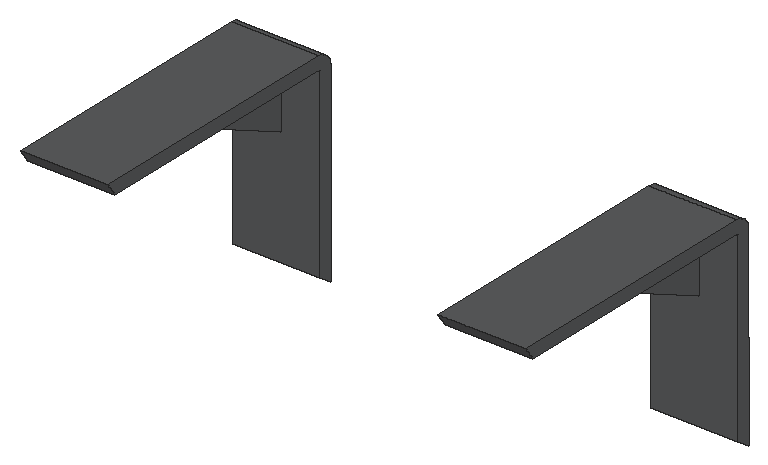
Revit family "Countertop-Supports_Centerline-Brackets_Front-Mounting-Plus-Bracket", category Casework, Revit 2024
Family settings
  OmniClass Number = 23.40.35.11
  OmniClass Title = Casework Components
  Work Plane-Based = No
  Always vertical = Yes
  Cut with Voids When Loaded = No
  Shared = No
  Room Calculation Point = No
Parameters (values of type "Load Type Catalog!")
  Width [instance] = Span  # 14 1/2"
  URL = "https://www.countertopbracket.com"
  Span [instance] = if(Number of Brackets = 1, 2 1/2", (Bracket Spacing * (Number of Brackets - 1)) + 2 1/2")  # 14 1/2"
  Spacing [instance] = "Recommended placement on every stud."  # constant formula
  Product data url = "https://www.bimobject.com/centerline_brackets/product/front-mounting-plus-bracket"
  Product Material = Centerline Brackets - Steel - Powder Coated - Black (B)
  Placement Height [instance] = 36"
  No of Brackets Control [instance] = if(Number of Brackets < 2, 2, Number of Brackets)  # 2
  Number of Brackets [instance] = 2
  Model = "Front Mounting Plus Bracket"
  Manufacturer = "Centerline Brackets"  # constant formula
  Length = 8"
  Keynote = "12000"
  Height = 6"
  Finish Note = "When choosing an alternative finish, please remember to update the model number to reflect the chosen finish."  # constant formula
  Finish = "Available Powder Coat Finishes; White (W), Black (B), Bronze Bead Blasted Metallic (BB), Soft Silver (SS), Silver Vein Bonded (SV)"  # constant formula
  Description = "Front Mounting Plus Bracket"
  Depth = 2 1/2"  # constant formula
  Default Elevation = 0"
  Control [instance] = if(Number of Brackets < 2, 0", Bracket Spacing)  # 12"
  Bracket Spacing [instance] = 12"
  Assembly Code = "E2010200"
Reference planes (in)
  plane 1 "Center (Front/Back)": y = 0
  plane 2: z = 0
  plane 3 "Center (Left/Right)": x = 0
  plane 4: z = 36
  plane 5: z = 30
  plane 6: y = -8
  plane 7: x = 0
  plane 8: x = 14.5
  plane 9: x = 12
Dimensions and locks (in)
  "Placement Height": plane 4 to plane 2
  "Height": plane 4 to plane 5
  "Length": plane 1 "Center (Front/Back)" to plane 6
  "Control": plane 7 to plane 9
  "Span": plane 7 to plane 8
  group 1 to group 2 = 12"
  group 1 to group 2 = 0"  (x2)
  aligned and locked: plane 2 to level
  aligned and locked: plane 4 to nested 1  (x2)
  aligned and locked: plane 7 to plane 3 "Center (Left/Right)"
  aligned and locked: nested 1 to plane 7
  aligned and locked: plane 1 "Center (Front/Back)" to nested 1
  aligned and locked: nested 2 to plane 9
  aligned and locked: plane 1 "Center (Front/Back)" to nested 2
  aligned and locked: plane 4 to nested 2  (x2)
  aligned and locked: plane 7 to nested 1
  aligned and locked: plane 9 to nested 2
Nested families (in)
  nested 1: "FrontMountingPlus" at (1.25, 0, 30), type "Geometry"
  nested 2: "FrontMountingPlus" at (13.25, 0, 30), type "Geometry"
Definition of nested family "FrontMountingPlus"
  Parameters (values of type "FrontMountingPlus")
    URL = ""
    Product Material = none
    Manufacturer = ""
    Length = 8"
    Height = 6"
    Default Elevation = 0"
    A = if(Length = 8", 3.62", if(or(Length = 10", Length = 12"), 5.63", if(Length = 18", 7.36", if(or(Length = 22", Length = 24"), 3 3/4", 7.62"))))  # 3.62"
  Types (2): name | Length | Height | A
    FrontMountingPlus | 8" | 6" | 3.62"
    Geometry | 6" | 8" | 7.62"
  Reference planes (in)
    plane 1 "Center (Front/Back)": y = 0
    plane 2: z = 0
    plane 3 "Center (Left/Right)": x = 0
    plane 4: y = -8
    plane 5: z = 6
    plane 6: x = -0.5
    plane 7: x = 0.5
    plane 8: z = 0.81
    plane 9: z = 2.81
    plane 10: z = 4.81
    plane 11: x = -1.25
    plane 12: x = 1.25
  Forms (in)
    Extrusion 1, solid, material <- "Product Material"
      sketch origin (0, 0, 0) x (0, 1, 0) y (0, 0, 1)
        loop
          arc (-0.43965, 5.625) -> (-0.39394, 5.60606) -> (-0.375, 5.56035) r 0.06465
          line (-0.375, 5.56035) -> (-0.375, 0.26258) -> (0, 0) -> (0, 5.57205)
          arc (0, 5.57205) -> (-0.12534, 5.87466) -> (-0.42795, 6) r 0.42795
          line (-0.42795, 6) -> (-8, 6) -> (-7.73742, 5.625) -> (-0.43965, 5.625)
      from -1.25 to 1.25
    Extrusion 2, solid, material <- "Product Material"
      sketch origin (0, 0, 0) x (0, 1, 0) y (0, 0, 1)
        loop
          line (-0.375, 3.625) -> (-0.375, 4.875) -> (-1.125, 5.625) -> (-4.38, 5.625) -> (-4.38, 5.5) -> (-0.375, 3.625)
      from 0.125 to -0.125
  Lines and regions (in)
    Masking region 1
      outline origin (0, 0, 0) x (1, 0, 0) y (0, 1, 0)
        loop
          line (-1.25, 0) -> (-1.25, -8) -> (1.25, -8) -> (1.25, 0) -> (-1.25, 0)
    model lines, detail levels medium+fine
      curve 1: circle (0, -0.375, 0.81) r 0.255 normal (0, -1, 0)
      curve 2: circle (0, -0.375, 2.81) r 0.255 normal (0, -1, 0)
      curve 3: circle (-0.5, -0.375, 4.81) r 0.255 normal (0, -1, 0)
      curve 4: circle (0.5, -0.375, 4.81) r 0.255 normal (0, -1, 0)
  Dimensions and locks (in)
    "Length": plane 1 "Center (Front/Back)" to plane 4
    plane 1 "Center (Front/Back)" to Extrusion 1 sketch curve = 3/8"
    "Height": plane 5 to plane 2
    locked: plane 5 to Extrusion 1 sketch curve at 0.375
    locked: plane 5 to Extrusion 2 sketch curve at 0.375
    locked: plane 5 to Extrusion 2 sketch curve at 2.375
    plane 1 "Center (Front/Back)" to Extrusion 2 sketch curve to Extrusion 2 sketch curve = 3/8" locked, 3/4" locked
    "A": Extrusion 2 sketch curve to plane 4
    locked: plane 5 to Extrusion 2 sketch curve at 0.5
    equal spacing: plane 7, plane 3 "Center (Left/Right)", plane 6
    locked: plane 6 to plane 7 at 1
    locked: plane 8 to level at 0.81
    equal spacing: plane 10, plane 9, plane 8
    locked: plane 5 to plane 10 at 1.19
    locked: plane 2 to Extrusion 1 sketch curve (angle 35.00°)
    locked: Extrusion 1 sketch curve to plane 4 (angle 35.00°)
    aligned and locked: plane 2 to level
    aligned and locked: plane 4 to Extrusion 1 sketch curve
    aligned and locked: plane 5 to Extrusion 1 sketch curve
    aligned and locked: plane 1 "Center (Front/Back)" to Masking region 1 sketch curve
    aligned and locked: plane 4 to Masking region 1 sketch curve
    aligned and locked: plane 6 to curve 3
    aligned and locked: plane 7 to curve 4
    aligned and locked: plane 3 "Center (Left/Right)" to curve 1
    aligned and locked: plane 3 "Center (Left/Right)" to curve 2
    aligned and locked: plane 8 to curve 1
    aligned and locked: plane 9 to curve 2
    aligned and locked: plane 10 to curve 4
    aligned and locked: plane 10 to curve 3
  Automatic sketch dimensions
    Extrusion 1 sketch curve to plane 1 "Center (Front/Back)" = 0"
    Extrusion 1 sketch curve to level = 0"
    Extrusion 1 sketch curve to Extrusion 1 sketch curve = 0.06465"
    Extrusion 1 sketch curve to Extrusion 1 sketch curve = 0.0117"
    Masking region 1 sketch curve to plane 3 "Center (Left/Right)" = 1 1/4"
    plane 3 "Center (Left/Right)" to Masking region 1 sketch curve = 1 1/4"
    plane 10 to Extrusion 2 sketch curve = 0.065"
    radius of curve 1 = 0.255"
    radius of curve 2 = 0.255"
    radius of curve 3 = 0.255"
    radius of curve 4 = 0.255"
